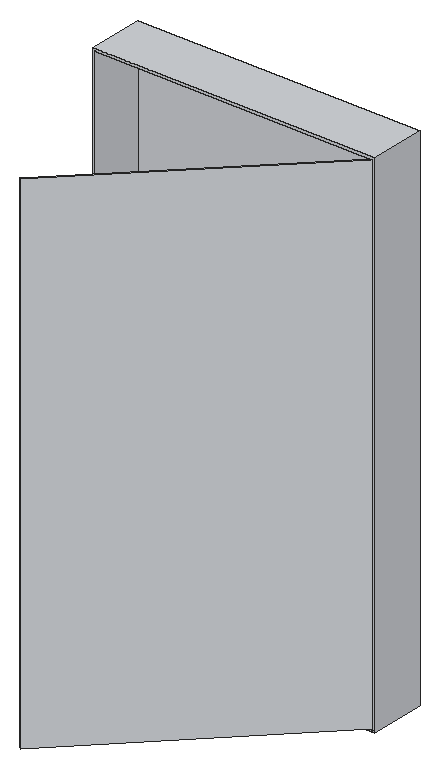
Revit family "Typ.B_TP&N_125A_Side_Extension_Boxes-empty-NoHosted-UK-en", category Electrical Equipment, Revit 2020
Family settings
  Panel Configuration = Two Columns, Circuits Across
  Round Connector Dimension = Use Diameter
  Part Type = Panelboard
  Work Plane-Based = Yes
  Always vertical = Yes
  Cut with Voids When Loaded = No
  Shared = No
  Room Calculation Point = No
Parameters (values of type "Surface mounted P2XC W465 H850 D91.5 0 Modular spacings - JK112BSF")
  Width Control [instance] = if([HG000006 - Flush mounted], if([EF000846 - Built-in width] > min_whd, [EF000846 - Built-in width], min_whd), if([EF000008 - Width] > min_whd, ([EF000008 - Width]), min_whd))  # 465 mm
  Void Depth [instance] = if([EF000218 - Built-in depth] > 1 mm, [EF000218 - Built-in depth], 1 mm)  # 1 mm
  Type Comments = [HG000003 - Range]  # "Type B TP&N Distribution Boards"
  System Height [instance] = Height Control - 2 * [HG000005 - Thickness]  # 844 mm
  Panel Name [instance] = ""  # (empty or 0)
  Offset [instance] = 0 mm
  Model = [HG000004 - Manufacturer reference]  # "JK112BSF"
  Level Offset [instance] = [Flush Mounted - Door Frame Width] + Offset  # 0 mm
  HG000017 - Distance between poles = 18 mm
  HG000016 - Door 3d visibility [instance] = yes
  HG000015 - Clearance visibility [instance] = no
  HG000014 - Door on the right [instance] = yes
  HG000013 - Door on the left [instance] = not([HG000014 - Door on the right])  # no
  HG000012 - Door swing angle [instance] = 45.00°
  HG000011 - Empty rows from bottom = no
  HG000005 - Thickness = 3 mm  # constant formula
  Description = ""
  Default Elevation = 1219.2 mm
  Arrow Offset [instance] = Depth Control / 8  # 11.5 mm
  Arrow Height [instance] = Depth Control - Arrow Offset  # 80.5 mm
  Host Offset [instance] = if([HG000006 - Flush mounted], 0 mm, [EF000049 - Depth])  # 92 mm
  min_whd [instance] = (2 * [HG000005 - Thickness]) + 1 mm  # 7 mm
  Manufacturer = "Hager"  # constant formula
  Height Control [instance] = if([HG000006 - Flush mounted], if([EF000332 - Built-in height] > min_whd, [EF000332 - Built-in height], min_whd), if([EF000040 - Height] > min_whd, ([EF000040 - Height]), min_whd))  # 850 mm
  HG000010 - Asymmetric doors = no
  HG000009 - Double swing door = no
  HG000008 - Number of empty rows = 0
  HG000007 - Number of empty columns = 0
  HG000006 - Flush mounted = no
  HG000004 - Manufacturer reference = "JK112BSF"
  HG000003 - Range = "Type B TP&N Distribution Boards"
  HG000002 - With door or cover = yes
  HG000001 - Number of columns = 0
  Flush Mounted - Door Frame Width [instance] = if(([EF000040 - Height] - [EF000332 - Built-in height]) > 0 mm, if([HG000006 - Flush mounted], [EF000040 - Height] - [EF000332 - Built-in height], 0 mm), 0 mm)  # 0 mm
  EF015941 - Signal passing door = no
  EF015777 - Neutral terminal block = no
  EF015776 - Earthing terminal block = no
  EF009212 - Cover model = ""
  EF006306 - With lock = no
  EF006244 - Transparent cover/door = no
  EF005474 - Degree of protection (IP) = "EV009848 - IP2XC"
  EF004462 - Type of closure = "EV000154 - Other"
  EF002950 - Width in number of modular spacings = 0
  EF001596 - Material housing = "EV000179 - Steel"
  EF001134 - DIN-rail = no
  EF001131 - Internal depth = 0 mm
  EF001088 - Extension possible = no
  EF001062 - EMC-version = no
  EF000846 - Built-in width = 0 mm
  EF000339 - Type of cover = "EV004216 - Door"
  EF000332 - Built-in height = 0 mm
  EF000266 - Number of rows = 0
  EF000218 - Built-in depth = 0 mm
  EF000118 - With mounting plate = no
  EF000116 - RAL-number = ""
  EF000049 - Depth = 92 mm
  EF000040 - Height = 850 mm
  EF000008 - Width = 465 mm
  EF000007 - Colour = "EV000154 - Other"
  EF000003 - Mounting method = "EV000384 - Surface mounted (plaster)"
  Depth Control [instance] = if([HG000006 - Flush mounted], if([EF000218 - Built-in depth] > 0 mm, [EF000218 - Built-in depth], 1 mm), if([EF000049 - Depth] > 0 mm, ([EF000049 - Depth]), 1 mm))  # 92 mm
Types (5, lengths in mm): name | System Height | Model | Height Control | HG000004 - Manufacturer reference | EF005474 - Degree of protection (IP) | EF000040 - Height
  Surface mounted IP30 W465 H950 D91.5 0 Modular spacings - JK116BSF | 944 | "JK116BSF" | 950 | "JK116BSF" | "EV006410 - IP30" | 950
  Surface mounted P2XC W465 H500 D91.5 0 Modular spacings - JK104BSF | 494 | "JK104BSF" | 500 | "JK104BSF" | "EV009848 - IP2XC" | 500
  Surface mounted P2XC W465 H550 D91.5 0 Modular spacings - JK106BSF | 544 | "JK106BSF" | 550 | "JK106BSF" | "EV009848 - IP2XC" | 550
  Surface mounted P2XC W465 H625 D91.5 0 Modular spacings - JK108BSF | 619 | "JK108BSF" | 625 | "JK108BSF" | "EV009848 - IP2XC" | 625
  Surface mounted P2XC W465 H850 D91.5 0 Modular spacings - JK112BSF | 844 | "JK112BSF" | 850 | "JK112BSF" | "EV009848 - IP2XC" | 850
Reference planes
  plane 1 "Center (Front/Back)": y = 0
  plane 2: z = 0
  plane 3 "Center (Left/Right)": x = 0
  plane 4: y = 3
  plane 5: y = 0
  plane 6: y = 0
  plane 7: z = 0
  plane 8: x = -232.5
  plane 9: x = 232.5
  plane 10: x = 229.5
  plane 11: x = -229.5
  plane 12: z = 0
  plane 13: z = 3
  plane 14: y = -87
  plane 15: y = -92
  plane 16: y = -3
  plane 17: z = 847
  plane 18: z = 850
  plane 19: z = 425
  plane 20: x = 0
  plane 21: y = -100
Forms (mm)
  Extrusion 1, solid
    sketch origin (-208.679, -4572, 0) x (-1, 0, 0) y (0, -1, 0)
      loop
        line (23.821, -4480) -> (-441.179, -4480) -> (-441.179, -4572) -> (23.821, -4572) -> (23.821, -4480)
    from 0 to 850 <- "Height Control"
  Extrusion 2, void
    sketch origin (-350.771, -92, 1219.2) x (1, 0, 0) y (0, 0, 1)
      loop
        line (121.271, -372.2) -> (121.271, -1216.2) -> (580.271, -1216.2) -> (580.271, -372.2) -> (121.271, -372.2)
    from 0 to -89
  Extrusion 3, solid, detail levels coarse+medium
    sketch origin (-350.771, -92, 1219.2) x (-1, 0, 0) y (0, 0, 1)
      loop
        line (-121.271, -372.2) -> (-580.271, -372.2) -> (-580.271, -1216.2) -> (-121.271, -1216.2) -> (-121.271, -372.2)
    from 0 to 3 <- "HG000005 - Thickness"
Cuts and joins
  Extrusion 2 cuts Extrusion 1
Dimensions and locks
  "Flush Mounted - Door Frame Width": plane 1 "Center (Front/Back)" to plane 6
  "HG000005 - Thickness": plane 4 to plane 6
  "HG000005 - Thickness": plane 8 to plane 11
  "HG000005 - Thickness": plane 9 to plane 10
  equal spacing: plane 8, plane 3 "Center (Left/Right)", plane 9
  "Width Control": plane 8 to plane 9
  locked: plane 14 to plane 15 at 5
  "Host Offset": plane 1 "Center (Front/Back)" to plane 15
  "Depth Control": plane 5 to plane 15
  "HG000005 - Thickness": plane 5 to plane 16
  "HG000005 - Thickness": plane 13 to plane 12
  "Level Offset": plane 12 to level
  "HG000005 - Thickness": plane 18 to plane 17
  "Height Control": plane 18 to plane 12
  "Arrow Offset": plane 5 to nested 4
  equal spacing: plane 18, plane 19, plane 12
  locked: connector elem to plane 19
  locked: connector elem to plane 3 "Center (Left/Right)"
  aligned and locked: nested 1 to plane 14
  aligned and locked: plane 3 "Center (Left/Right)" to nested 1
  aligned and locked: plane 3 "Center (Left/Right)" to nested 2
  aligned and locked: nested 2 to plane 15
  aligned and locked: plane 5 to Extrusion 1
  aligned and locked: Extrusion 3 sketch curve to plane 17
  aligned and locked: Extrusion 3 sketch curve to plane 11
  aligned and locked: Extrusion 3 sketch curve to plane 13
  aligned and locked: Extrusion 3 sketch curve to plane 10
  aligned and locked: Extrusion 2 sketch curve to plane 13
  aligned and locked: Extrusion 2 sketch curve to plane 10
  aligned and locked: Extrusion 2 sketch curve to plane 17
  aligned and locked: Extrusion 2 sketch curve to plane 11
  aligned and locked: plane 16 to Extrusion 2
  aligned and locked: plane 5 to Extrusion 1 sketch curve
  aligned and locked: plane 9 to Extrusion 1 sketch curve
  aligned and locked: plane 8 to Extrusion 1 sketch curve
  aligned and locked: plane 8 to nested 4
  aligned and locked: plane 8 to nested 3
  aligned and locked: nested 3 to plane 5
  aligned and locked: Extrusion 1 sketch curve to plane 15
  aligned and locked: Extrusion 2 to plane 15
Nested families
  nested 1: "Hager_Enclosure_System" at (0, -87, 3), Flush_Mounted <- "HG000006 - Flush mounted", Width <- "EF000008 - Width", Height <- "System Height", Width_Control <- "Width Control", Row_Module_Multiplicator <- "EF002950 - Width in number of modular spacings", Empty_Columns <- "HG000007 - Number of empty columns", Built-in_Width <- "EF000846 - Built-in width", Border <- "HG000005 - Thickness", Total_No_Empty_Rows <- "HG000008 - Number of empty rows", Depth <- "HG000005 - Thickness", Empty_Rows_From_Bottom <- "HG000011 - Empty rows from bottom", Distance_Between_Poles <- "HG000017 - Distance between poles", Rows_Count <- "EF000266 - Number of rows", Columns_Count <- "HG000001 - Number of columns", type "Hager_Enclosure_System", detail levels medium+fine
    with Width_Control 465 mm, Width 465 mm, Total_No_Rows 0, Total_No_Empty_Rows 0, Total_No_Columns 1, System_Width 459 mm, Rows_Count 0, Rows_Column 0, Row_Module_Multiplicator 0, Panel_4 no, Panel_3 no, Panel_2 no, Panel_1 no, No_Panels_Ctrl 1, Hide_Columns yes, Height 844 mm, Flush_Mounted no, Empty_Rows_From_Bottom no, Empty_Rows_Column 0, Empty_Columns 0, Distance_Between_Poles 18 mm, Depth 3 mm, Columns_Count 0, Column_Width 459 mm, Built-in_Width 0 mm, Border 3 mm
  nested 2: "Hager_Enclosure_Door" at (0, -92, 0), Double <- "HG000009 - Double swing door", Height_Ctrl <- "Height Control", Transparent <- "EF006244 - Transparent cover/door", Depth <- "EF000049 - Depth", Height <- "EF000040 - Height", Angle <- "HG000012 - Door swing angle", Door_Right <- "HG000014 - Door on the right", Assymetrical <- "HG000010 - Asymmetric doors", Flush_Mounted <- "HG000006 - Flush mounted", BuiltIn_Depth <- "EF000218 - Built-in depth", BuiltIn_Width <- "EF000846 - Built-in width", Door <- "HG000002 - With door or cover", Width_Ctrl <- "Width Control", 3d_Door <- "HG000016 - Door 3d visibility", Width <- "EF000008 - Width", Border <- "HG000005 - Thickness", BuiltIn_Height <- "EF000332 - Built-in height", Clearance <- "HG000015 - Clearance visibility", Door_Left <- "HG000013 - Door on the left", type "Hager_Enclosure_Door", detail levels medium+fine
    with min_wh 7 mm, Width_Ctrl 465 mm, Width 465 mm, Transparent_Door_No_Bottom_Border no, Transparent no, Leaf_Width 456 mm, Leaf_Tolerance 1.5 mm, Leaf_Height 841 mm, Leaf_2_Width 456 mm, Leaf_2_Offset 228 mm, Leaf_1_Width 456 mm, Leaf_1_Offset 228 mm, Height_Ctrl 850 mm, Height 850 mm, Frame_Width_Ctrl 465 mm, Frame_Width 465 mm, Frame_Internal_Offset 0 mm, Frame_Height_Ctrl 850 mm, Frame_Height 850 mm, Frame_Depth_Ctrl 1 mm, Frame_Depth 0 mm, Flush_Mounted no, Double_Clearance_Ctrl no, Double no, Door_Right_Ctrl yes, Door_Right yes, Door_Left_Ctrl no, Door_Left no, Door yes, Depth 92 mm, Clearance_Depth 456 mm, Clearance_Ctrl no, Clearance no, BuiltIn_Width 0 mm, BuiltIn_Height 0 mm, BuiltIn_Depth 0 mm, Border 3 mm, Assymetrical no, Angle 45.00°, 3d_Door yes
  nested 3: "Hager_Enclosure_Symbol_Triangle" at (-232.5, 0, 0), Depth <- "Depth Control", Width <- "Width Control", type "Hager_Enclosure_Symbol_Triangle"
    with Width_Ctrl 465 mm, Width 465 mm, Depth_Ctrl 92 mm, Depth 92 mm
  nested 4: "Hager_Enclosure_Symbol_Arrow" at (-232.5, -11.5, 0), Height <- "Arrow Height", type "Hager_Enclosure_Symbol_Arrow"
    with Width_Inside 6.038 mm, Width 72.45 mm, Height_Ctrl 80.5 mm, Height 80.5 mm
Connectors
  electrical at (0, 0, 425)
    settings: on plane 5, index 1, voltage 0 V, apparent load 0 VA, apparent load phase1 0 VA, apparent load phase2 0 VA, apparent load phase3 0 VA, power factor 1, load classification "Other", number of poles 1, system type 30, power factor state 1, is connector primary yes, connector utility no, sub classification motor no, connector description ""
Definition of nested family "Hager_Enclosure_Door"
  Parameters (values of type "Hager_Enclosure_Door")
    min_wh [instance] = (2 * Border) + 1 mm  # 11 mm
    Width_Ctrl [instance] = 400 mm
    Width [instance] = 500 mm
    Transparent_Door_No_Bottom_Border [instance] = no
    Transparent [instance] = yes
    Leaf_Width [instance] = if((Width_Ctrl - 2 * Border - 2 * Leaf_Tolerance) > 0 mm, (Width_Ctrl - 2 * Border - 2 * Leaf_Tolerance), min_wh)  # 387 mm
    Leaf_Tolerance [instance] = 1.5 mm  # constant formula
    Leaf_Height [instance] = if((Height_Ctrl - 2 * Border - 2 * Leaf_Tolerance) > 0 mm, (Height_Ctrl - 2 * Border - 2 * Leaf_Tolerance), min_wh)  # 387 mm
    Leaf_2_Width [instance] = if(and(and(Double, Assymetrical), Door_Left), (Leaf_Width / 3) - (Leaf_Tolerance / 2), if(and(and(Double, Assymetrical), Door_Right), (Leaf_Width / 3) * 2 - (Leaf_Tolerance / 2), if(and(Double, not(Assymetrical)), (Leaf_Width / 2) - Leaf_Tolerance, Leaf_Width)))  # 387 mm
    Leaf_2_Offset [instance] = if(and(Double, Assymetrical), Leaf_2_Width / 2, if(and(Double, not(Assymetrical)), Leaf_Width / 4, Leaf_Width / 2))  # 193.5 mm
    Leaf_1_Width [instance] = if(and(and(Double, Assymetrical), Door_Right), (Leaf_Width / 3) - (Leaf_Tolerance / 2), if(and(and(Double, Assymetrical), Door_Left), (Width / 3) * 2 - (Leaf_Tolerance / 2), if(and(Double, not(Assymetrical)), (Leaf_Width / 2) - Leaf_Tolerance, Leaf_Width)))  # 387 mm
    Leaf_1_Offset [instance] = if(and(Double, Assymetrical), Leaf_1_Width / 2, if(and(Double, not(Assymetrical)), Leaf_Width / 4, Leaf_Width / 2))  # 193.5 mm
    Height_Ctrl [instance] = 400 mm
    Height [instance] = 500 mm
    Frame_Width_Ctrl [instance] = if(Frame_Width > 0 mm, Frame_Width, 1 mm)  # 1 mm
    Frame_Width [instance] = Width - BuiltIn_Width  # 0 mm
    Frame_Internal_Offset [instance] = if(Flush_Mounted, Border, 0 mm)  # 5 mm
    Frame_Height_Ctrl [instance] = if(Frame_Height > 0 mm, Frame_Height, 1 mm)  # 1 mm
    Frame_Height [instance] = Height - BuiltIn_Height  # 0 mm
    Frame_Depth_Ctrl [instance] = if(Frame_Depth > 0 mm, Frame_Depth, 1 mm)  # 1 mm
    Frame_Depth [instance] = if(Depth - BuiltIn_Depth > 0 mm, if(Flush_Mounted, Depth - BuiltIn_Depth, 0 mm), 0 mm)  # 0 mm
    Flush_Mounted [instance] = yes
    Double_Clearance_Ctrl [instance] = and(Double, Clearance)  # no
    Double [instance] = no
    Door_Right_Ctrl [instance] = and(or(Door_Right, Double), Door)  # yes
    Door_Right [instance] = yes
    Door_Left_Ctrl [instance] = and(or(Door_Left, Double), Door)  # no
    Door_Left [instance] = no
    Door [instance] = yes
    Depth [instance] = 500 mm
    Default Elevation = 1219.2 mm
    Clearance_Material = none
    Clearance_Depth [instance] = if(Leaf_1_Width > Leaf_2_Width, Leaf_1_Width, Leaf_2_Width)  # 387 mm
    Clearance_Ctrl [instance] = and(not(Double), Clearance)  # yes
    Clearance [instance] = yes
    BuiltIn_Width [instance] = 500 mm
    BuiltIn_Height [instance] = 500 mm
    BuiltIn_Depth [instance] = 500 mm
    Border [instance] = 5 mm
    Assymetrical [instance] = yes
    Angle [instance] = 30.00°
    3d_Door [instance] = yes
  Reference planes
    plane 1 "Center (Front/Back)": y = 0
    plane 2 "Bottom": z = 0
    plane 3 "Center (Left/Right)": x = 0
    plane 4: z = 400
    plane 5: x = -200
    plane 6: x = 200
    plane 7: z = 395
    plane 8: x = -195
    plane 9: z = 5
    plane 10: x = 195
    plane 11: y = 0
    plane 12: z = 6.5
    plane 13: x = -582
    plane 14: y = -387
    plane 15: x = 582
    plane 16: x = 0
    plane 17: x = 0
    plane 18: x = -193.5
    plane 19: x = 193.5
    plane 20: z = 393.5
  Forms (mm)
    Extrusion 1, solid, visible <- "Flush_Mounted"
      sketch origin (0, 0, 0) x (1, 0, 0) y (0, 0, 1)
        loop
          line (195, 5) -> (195, 395) -> (-195, 395) -> (-195, 5) -> (195, 5)
        loop
          line (-201, 401) -> (-201, -1) -> (201, -1) -> (201, 401) -> (-201, 401)
      from 0 to 1 <- "Frame_Depth_Ctrl"
    Extrusion 2, solid, material <- "Clearance_Material", visible <- "Double_Clearance_Ctrl"
      sketch origin (1200, 0, 0) x (1, 0, 0) y (0, 0, -1)
        loop
          line (-1782, -393.5) -> (-618, -393.5) -> (-618, 0) -> (-1782, 0) -> (-1782, -393.5)
      from 0 to -387
  Dimensions and locks
    equal spacing: plane 5, plane 3 "Center (Left/Right)", plane 6
    "Width_Ctrl": plane 5 to plane 6
    "Border": plane 5 to plane 8
    "Border": plane 6 to plane 10
    "Border": plane 9 to level
    "Border": plane 4 to plane 7
    "Height_Ctrl": plane 4 to level
    "Leaf_Tolerance": plane 12 to plane 9
    "Frame_Depth": plane 11 to plane 1 "Center (Front/Back)"
    "Frame_Width_Ctrl": plane 5 to Extrusion 1 sketch curve
    "Frame_Width_Ctrl": plane 6 to Extrusion 1 sketch curve
    "Frame_Width_Ctrl": Extrusion 1 sketch curve to plane 4
    "Frame_Width_Ctrl": plane 2 "Bottom" to Extrusion 1 sketch curve
    "Leaf_1_Offset": plane 18 to plane 16
    "Leaf_2_Offset": plane 17 to plane 19
    "Leaf_1_Width": plane 13 to plane 8
    "Leaf_2_Width": plane 10 to plane 15
    "Clearance_Depth": plane 14 to plane 1 "Center (Front/Back)"
    "Leaf_Tolerance": plane 8 to plane 18
    "Leaf_Tolerance": plane 19 to plane 10
    "Leaf_Tolerance": plane 7 to plane 20
    "Frame_Internal_Offset": plane 5 to Extrusion 1 sketch curve
    "Frame_Internal_Offset": Extrusion 1 sketch curve to plane 2 "Bottom"
    "Frame_Internal_Offset": plane 6 to Extrusion 1 sketch curve
    "Frame_Internal_Offset": plane 4 to Extrusion 1 sketch curve
    aligned and locked: level to plane 2 "Bottom"
    aligned and locked: nested 1 to plane 16
    aligned and locked: nested 2 to plane 17
    aligned and locked: Extrusion 2 to plane 13
    aligned and locked: plane 15 to Extrusion 2
    aligned and locked: Extrusion 2 to plane 14
    aligned and locked: plane 12 to nested 1
    aligned and locked: nested 2 to plane 12
    aligned and locked: Extrusion 2 to plane 11
    aligned and locked: plane 20 to Extrusion 2
    aligned and locked: nested 2 to plane 11
    aligned and locked: nested 1 to plane 11
  Automatic sketch dimensions
    Extrusion 2 sketch curve to level = 0 mm
    plane 5 to Extrusion 2 sketch curve = 382 mm
    plane 6 to Extrusion 2 sketch curve = 382 mm
    Extrusion 2 sketch curve to plane 4 = 6.5 mm
  Nested families
    nested 1: "Hager_Enclosure_Door_Leaf" at (0, 0, 6.5), Width <- "Leaf_1_Width", visible <- "Door_Left_Ctrl", Leaf_Height <- "Leaf_Height", Angle <- "Angle", Depth <- "Border", 3d_Door <- "3d_Door", Transparent <- "Transparent", Clearance Material <- "Clearance_Material", Clearance <- "Clearance_Ctrl", Transparent_Door_No_Bottom_Border <- "Transparent_Door_No_Bottom_Border", type "Hager_Enclosure_Door_Leaf"
      with Width 387 mm, Transparent_Door_No_Bottom_Border no, Transparent_Door_Border_Bottom_Top 25 mm, Transparent_Door_Border 25 mm, Transparent_Ctrl yes, Transparent yes, Standard no, Leaf_Height 387 mm, Glass_Offset 1 mm, Depth 5 mm, Clearance Material none, Clearance yes, Angle_Ctrl 30.00°, Angle 30.00°, 3d_Door yes
    nested 2: "Hager_Enclosure_Door_Leaf" at (0, 0, 6.5) x (-1, 0, 0) z (0, 0, 1), Width <- "Leaf_2_Width", visible <- "Door_Right_Ctrl", Leaf_Height <- "Leaf_Height", Angle <- "Angle", Depth <- "Border", 3d_Door <- "3d_Door", Transparent <- "Transparent", Clearance Material <- "Clearance_Material", Clearance <- "Clearance_Ctrl", Transparent_Door_No_Bottom_Border <- "Transparent_Door_No_Bottom_Border", type "Hager_Enclosure_Door_Leaf"
      with Width 387 mm, Transparent_Door_No_Bottom_Border no, Transparent_Door_Border_Bottom_Top 25 mm, Transparent_Door_Border 25 mm, Transparent_Ctrl yes, Transparent yes, Standard no, Leaf_Height 387 mm, Glass_Offset 1 mm, Depth 5 mm, Clearance Material none, Clearance yes, Angle_Ctrl 30.00°, Angle 30.00°, 3d_Door yes
  Definition of nested family "Hager_Enclosure_Door_Leaf"
    Parameters (values of type "Hager_Enclosure_Door_Leaf")
      Width [instance] = 2000 mm
      Transparent_Door_No_Bottom_Border [instance] = yes
      Transparent_Door_Border_Bottom_Top [instance] = if(Transparent_Door_No_Bottom_Border, 0.1 mm, Transparent_Door_Border)  # 0.1 mm
      Transparent_Door_Border [instance] = if(Transparent_Door_No_Bottom_Border, (Width * 0.12), 25 mm)  # 240 mm
      Transparent_Ctrl [instance] = and(Transparent, [3d_Door])  # yes
      Transparent [instance] = yes
      Standard [instance] = and(not(Transparent), [3d_Door])  # no
      Leaf_Height [instance] = 2720.336 mm
      Glass_Offset [instance] = if((Depth - 10 mm) / 2 > 0 mm, (Depth - 10 mm) / 2, 1 mm)  # 15 mm
      Glass_Material = none
      Depth [instance] = 40 mm
      Default Elevation = 0 mm
      Clearance Material [instance] = none
      Clearance [instance] = yes
      Angle_Ctrl [instance] = if(Angle > 170.00°, 170.00°, Angle)  # 45.00°
      Angle [instance] = 45.00°
      3d_Door [instance] = yes
    Reference planes
      plane 1 "Center (Front/Back)": y = 0
      plane 2: z = 0
      plane 3 "Center (Left/Right)": x = 0
      plane 4: y = 2000
      plane 5: x = -1000
      plane 6: x = 1000
      plane 7: x = -3000
      plane 8: z = 2720.336
      plane 9: z = 0.1
      plane 10: z = 2720.236
      plane 11: x = 760
      plane 12: x = -760
    Forms (mm)
      Extrusion 1, solid, material <- "Clearance Material", visible <- "Clearance"
        sketch origin (0, 0, 0) x (1, 0, 0) y (0, 0, 1)
          loop
            line (-3000, 2720.336) -> (-3000, 0) -> (1000, 0) -> (1000, 2720.336) -> (-3000, 2720.336)
        from 0 to -2000
      Extrusion 2, solid, visible <- "Standard", detail levels medium+fine
        sketch origin (-1000, 0, 0) x (0.707107, 0.707107, 0) y (-0.707107, 0.707107, 0)
          loop
            line (0, -40) -> (2000, -40) -> (2000, 0) -> (0, 0) -> (0, -40)
        from 0 to 2720.336 <- "Leaf_Height"
      Extrusion 3, solid, visible <- "Transparent_Ctrl", detail levels medium+fine
        sketch origin (-1000, 0, 0) x (0.707107, 0.707107, 0) y (-0.707107, 0.707107, 0)
          loop
            line (0, -40) -> (2000, -40) -> (2000, 0) -> (0, 0) -> (0, -40)
        from 0 to 2720.336 <- "Leaf_Height"
      Extrusion 4, void, detail levels medium+fine
        sketch origin (-1000, 0, 0) x (-0.707107, 0.707107, 0) y (0.707107, 0.707107, 0)
          loop
            line (0, 240) -> (0, 1760) -> (-40, 1760) -> (-40, 240) -> (0, 240)
        from -2720.236 to -0.1
      Extrusion 5, solid, material <- "Glass_Material", visible <- "Transparent_Ctrl", detail levels medium+fine
        sketch origin (-1000, 0, 0) x (0.707107, 0.707107, 0) y (-0.707107, 0.707107, 0)
          loop
            line (240, -15) -> (240, -25) -> (1760, -25) -> (1760, -15) -> (240, -15)
        from 0.1 to 2720.236
    Cuts and joins
      Extrusion 4 cuts Extrusion 3
    Lines and regions (mm)
      symbolic lines
        curve 1: line (1000, 0, 0) -> (-3000, 0, 0)
        curve 2: arc (1000, 0, 0) -> (-1000, 2000, 0) -> (-3000, 0, 0) r 2000
        curve 4: line (-1000, 0, 0) -> (414.214, 1414.214, 0)
      reference lines
        curve 3: line (-1000, 0, 0) -> (414.214, 1414.214, 0)
      symbolic lines, detail levels medium+fine
        curve 5: line (414.214, 1414.214, 0) -> (442.498, 1385.929, 0)
        curve 6: line (442.498, 1385.929, 0) -> (-971.716, -28.284, 0)
        curve 7: line (-971.716, -28.284, 0) -> (-1000, 0, 0)
        curve 8: line (-1000, 0, 2720.336) -> (1000, 0, 2720.336)
        curve 9: line (-1000, 0, 0) -> (-1000, 0, 2720.336)
        curve 10: line (1000, 0, 0) -> (-1000, 0, 0)
        curve 11: line (1000, 0, 2720.336) -> (1000, 0, 0)
      symbolic lines, visible <- "Transparent_Ctrl", detail levels medium+fine
        curve 12: line (-760, 0, 2720.236) -> (760, 0, 2720.236)
        curve 13: line (-760, 0, 0.1) -> (-760, 0, 2720.236)
        curve 14: line (760, 0, 0.1) -> (-760, 0, 0.1)
        curve 15: line (760, 0, 2720.236) -> (760, 0, 0.1)
    Dimensions and locks
      "Width": plane 1 "Center (Front/Back)" to plane 4
      equal spacing: plane 5, plane 3 "Center (Left/Right)", plane 6
      "Width": plane 5 to plane 6
      "Width": plane 7 to plane 5
      "Leaf_Height": plane 8 to level
      "Depth": curve 6 to curve 3
      "Width": curve 5 to curve 3
      "Width": curve 3 to curve 3
      "Transparent_Door_Border": Extrusion 4 sketch curve to curve 7
      "Transparent_Door_Border": Extrusion 4 sketch curve to curve 5
      "Transparent_Door_Border_Bottom_Top": plane 8 to plane 10
      "Transparent_Door_Border_Bottom_Top": plane 9 to level
      "Glass_Offset": Extrusion 5 sketch curve to curve 4
      "Glass_Offset": Extrusion 5 sketch curve to curve 6
      "Transparent_Door_Border": Extrusion 5 sketch curve to curve 5
      "Transparent_Door_Border": Extrusion 5 sketch curve to curve 7
      "Transparent_Door_Border": plane 12 to plane 5
      "Transparent_Door_Border": plane 6 to plane 11
      "Angle_Ctrl": angle plane 1 "Center (Front/Back)" to curve 3
      aligned and locked: level to plane 2
      aligned and locked: Extrusion 1 to curve 1
      aligned and locked: plane 6 to Extrusion 1
      aligned and locked: Extrusion 1 to plane 1 "Center (Front/Back)"
      aligned and locked: plane 4 to Extrusion 1
      aligned and locked: plane 8 to Extrusion 1
      aligned and locked: curve 4 to curve 3
      aligned and locked: Extrusion 2 sketch curve to curve 7
      aligned and locked: Extrusion 2 sketch curve to curve 6
      aligned and locked: Extrusion 2 sketch curve to curve 5
      aligned and locked: Extrusion 2 sketch curve to curve 3
      aligned and locked: curve 7 to Extrusion 3 sketch curve
      aligned and locked: Extrusion 3 sketch curve to curve 4
      aligned and locked: Extrusion 3 sketch curve to curve 6
      aligned and locked: Extrusion 3 sketch curve to curve 5
      aligned and locked: curve 4 to Extrusion 4 sketch curve
      aligned and locked: curve 6 to Extrusion 4 sketch curve
      aligned and locked: Extrusion 4 to plane 9
      aligned and locked: Extrusion 4 to plane 10
      aligned and locked: Extrusion 5 to plane 9
      aligned and locked: Extrusion 5 to plane 10
      aligned and locked: curve 8 to plane 8
      aligned and locked: plane 5 to curve 9
      aligned and locked: plane 2 to curve 10
      aligned and locked: curve 11 to plane 6
      aligned and locked: plane 10 to curve 12
      aligned and locked: plane 12 to curve 13
      aligned and locked: curve 14 to plane 9
      aligned and locked: plane 11 to curve 15
    Automatic sketch dimensions
      plane 1 "Center (Front/Back)" to curve 2 = 0 mm
      curve 2 to plane 5 = 0 mm
      Extrusion 1 sketch curve to level = 0 mm
      Extrusion 1 sketch curve to plane 7 = 0 mm
      Extrusion 1 sketch curve to plane 6 = 0 mm
      Extrusion 1 sketch curve to plane 8 = 0 mm
      plane 1 "Center (Front/Back)" to curve 3 = 0 mm
      curve 3 to plane 5 = 0 mm
      curve 7 to curve 3 = 0 mm
Definition of nested family "Hager_Enclosure_Symbol_Triangle"
  Parameters (values of type "Hager_Enclosure_Symbol_Triangle")
    Width_Ctrl [instance] = if(Width > 1 mm, Width, 1 mm)  # 498 mm
    Width [instance] = 498 mm
    Depth_Ctrl [instance] = if(Depth > 1 mm, Depth, 1 mm)  # 72 mm
    Depth [instance] = 72 mm
  Reference planes
    plane 1 "Centre (avant/arrière)": y = 0
    plane 2: z = 0
    plane 3 "Centre (gauche/droite)": x = 0
  Lines and regions (mm)
    Filled region 1, type "Solid_Black", in view "Niveau de réf."
      outline origin (0, 0, 0) x (1, 0, 0) y (0, 1, 0)
        loop
          line (0, 0) -> (498, 0) -> (498, 72) -> (0, 0)
    reference lines, in view "Niveau de réf."
      curve 1: line (-206.153, 72, 0) -> (1083.258, 72, 0)
      curve 2: line (498, 405.456, 0) -> (498, -517.619, 0)
  Dimensions and locks
    "Depth_Ctrl": plane 1 "Centre (avant/arrière)" to curve 1
    "Width_Ctrl": plane 3 "Centre (gauche/droite)" to curve 2
    aligned and locked: curve 1 to Filled region 1 sketch curve
    aligned and locked: Filled region 1 sketch curve to plane 1 "Centre (avant/arrière)"
    aligned and locked: curve 2 to Filled region 1 sketch curve
    aligned and locked: plane 3 "Centre (gauche/droite)" to Filled region 1 sketch curve
    aligned and locked: plane 1 "Centre (avant/arrière)" to Filled region 1 sketch curve
  Automatic sketch dimensions
    curve 1 to plane 3 "Centre (gauche/droite)" = 206.153 mm
    curve 2 to curve 1 = 585.258 mm
    plane 1 "Centre (avant/arrière)" to curve 2 = 517.619 mm
    curve 2 to plane 1 "Centre (avant/arrière)" = 405.456 mm
Definition of nested family "Hager_Enclosure_Symbol_Arrow"
  Parameters (values of type "Hager_Enclosure_Symbol_Arrow")
    Width_Inside [instance] = if(Width / 12 > 2 mm, Width / 12, 2 mm)  # 4.987 mm
    Width [instance] = if(Height_Ctrl * 0.9 > 2 mm, Height_Ctrl * 0.9, 2 mm)  # 59.85 mm
    Height_Ctrl [instance] = if(Height > 2 mm, Height, 2 mm)  # 66.5 mm
    Height [instance] = 66.5 mm
  Reference planes
    plane 1 "Centre (avant/arrière)": y = 0
    plane 2: z = 0
    plane 3 "Centre (gauche/droite)": x = 0
    plane 4: x = 59.85
    plane 5: y = 28.263
    plane 6: y = 38.238
    plane 7: y = 66.5
    plane 8: x = 29.925
    plane 9: y = 33.25
  Lines and regions (mm)
    Filled region 1, type "Solid_Black", in view "Niveau de réf."
      outline origin (0, 0, 0) x (1, 0, 0) y (0, 1, 0)
        loop
          line (59.85, 66.5) -> (37.929, 52.827) -> (51.846, 41.935) -> (59.85, 66.5)
    detail lines, in view "Niveau de réf."
      curve 1: line (0, 0, 0) -> (29.925, 38.238, 0)
      curve 2: line (29.925, 38.238, 0) -> (29.925, 28.263, 0)
      curve 3: line (29.925, 28.263, 0) -> (59.85, 66.5, 0)
  Dimensions and locks
    "Width": plane 3 "Centre (gauche/droite)" to plane 4
    "Height_Ctrl": plane 7 to plane 1 "Centre (avant/arrière)"
    equal spacing: plane 3 "Centre (gauche/droite)", plane 8, plane 4
    equal spacing: plane 7, plane 9, plane 1 "Centre (avant/arrière)"
    equal spacing: plane 6, plane 9, plane 5
    "Width_Inside": plane 6 to plane 9
    equal spacing: curve 3, Filled region 1 sketch curve, Filled region 1 sketch curve
    angle Filled region 1 sketch curve to curve 3 = 20.00°
    angle curve 3 to Filled region 1 sketch curve = 20.00°
    locked: curve 3 to Filled region 1 sketch curve (angle 90.00°)
  Automatic sketch dimensions
    plane 1 "Centre (avant/arrière)" to curve 1 = 0 mm
    curve 1 to plane 3 "Centre (gauche/droite)" = 0 mm
    curve 2 to plane 6 = 0 mm
    curve 3 to plane 8 = 0 mm
    curve 3 to plane 4 = 0 mm
    curve 2 to plane 5 = 0 mm
    curve 3 to plane 7 = 0 mm
    Filled region 1 sketch curve to plane 4 = 0 mm
    Filled region 1 sketch curve to plane 7 = 0 mm
